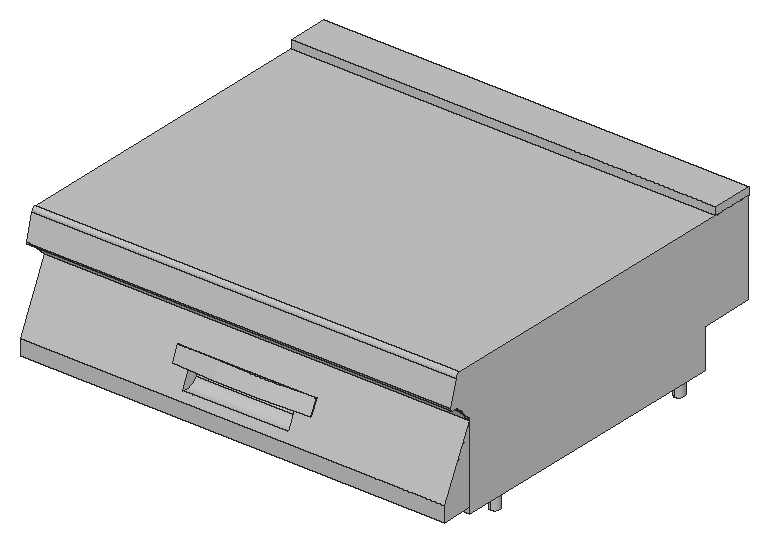
Revit family "QF_ZANUSSI_372119_Z7WTNHN00E", category Specialty Equipment, Revit 2018
Family settings
  Round Connector Dimension = Use Diameter
  Part Type = Normal
  Work Plane-Based = No
  Always vertical = Yes
  Cut with Voids When Loaded = No
  Shared = No
  Room Calculation Point = No
Parameters
  Width = 800 mm  # constant formula
  Weight in Pounds = 0
  Weight = 0.00 kg
  Watts = 0 W
  Volts = 0 V
  URL Manufacturer = "http://www.zanussiprofessional.com"
  URL Cutsheet = "www.electrolux.com"
  URL = "http://www.zanussiprofessional.com"
  Type Mark [instance] = ""
  Steam Supply Size = 0"
  Steam Supply Minimum Pressure = 0.00 psi
  Steam Supply Maximum Pressure = 0.00 psi
  Steam Pounds per Hour = 0
  Status [instance] = ""
  Specification by User [instance] = ""
  Specification by Manufacturer = ""
  Show Logo [instance] = yes
  Show Clearance [instance] = yes
  Serial Number = ""
  Seismic Rating = ""
  SMACNA No = ""
  Revision Code [instance] = ""
  Refrigeration Suction Line Size = 0"
  Refrigeration Liquid Line Size = 0"
  Refrigerant Compressor Remote = yes
  Phase = 0
  Omniclass Number and Title = ""
  NAFEM Spec ID Number = ""
  Model = "Z7WTNHN00E"
  Masterspec = ""
  Manufacturer = "Zanussi"
  Length Actual = 800 mm  # constant formula
  Item Number [instance] = "372119"
  Installed By [instance] = ""
  Identify Quantity as Lot [instance] = yes
  Hot Water Size = 0"
  Height Actual = 250 mm  # constant formula
  Height = 289 mm  # constant formula
  HP = "0 HP"
  Gas Size = 0"
  Gas KW = 0
  Gas Input Pressure = 0.0 Btu/h
  Furnished By [instance] = ""
  Foodservice Equipment Identifier [instance] = yes
  Direct Waste Size = 0"
  Description = "AMBIENT WORKTOP WITH DRAWER 800 MM"
  Depth Actual = 700 mm  # constant formula
  Depth = 715 mm  # constant formula
  Cycle = 0 Hz
  Condensate Return Size = 0"
  Compressed Air Volume = 0 GPM
  Compressed Air Size = 0"
  Compressed Air Pressure = 0.00 psi
  Cold Water Size = 0"
  CSI MasterFormat = ""
  CSI Master Format = ""
  Base Height = 24 mm  # constant formula
  Assembly Code = ""
  Accessory = yes
Reference planes
  plane 1 "BACK": y = 0
  plane 2: z = 0
  plane 3 "LEFT": x = 0
  plane 4 "RIGHT": x = 800
  plane 5 "FRONT": y = -715
  plane 6 "TOP": z = 274
  plane 7 "Center Y": x = 400
  plane 8 "Center X": y = -357.5
  plane 9: z = 24
  plane 10: z = 289
Forms (mm)
  Extrusion 1, solid, material "QF_Finishes_Stainless Steel"
    sketch origin (0, 0, 0) x (0, 1, 0) y (0, 0, 1)
      loop
        line (0, 98) -> (0, 274) -> (-679.358, 274)
        arc (-679.358, 274) -> (-684.643, 271.811) -> (-686.833, 266.526) r 7.474
        line (-686.833, 266.526) -> (-699.884, 221.011)
        arc (-699.884, 221.011) -> (-699.396, 218.379) -> (-697, 217.184) r 3
        line (-697, 217.184) -> (-686.802, 217.184) -> (-655, 185.382) -> (-655, 24) -> (-103, 24) -> (-103, 98) -> (0, 98)
    from 0 to 800
  Extrusion 2, solid, material "QF_Finishes_Stainless Steel"
    sketch origin (0, 0, 0) x (1, 0, 0) y (0, 1, 0)
      loop
        circle (11.112, -149.225) r 9.525
      loop
        circle (788.888, -149.225) r 9.525
      loop
        circle (11.112, -583.238) r 9.525
      loop
        circle (788.888, -583.238) r 9.525
    from 0 to 23.812
  Extrusion 3, solid, material "QF_Finishes_Stainless Steel"
    sketch origin (0, 0, 0) x (0, 1, 0) y (0, 0, 1)
      loop
        line (0, 274) -> (0, 289) -> (-76.2, 289) -> (-76.2, 274) -> (0, 274)
    from 0 to 800
  Extrusion 4, solid, material "QF_Finishes_Stainless Steel"
    sketch origin (0, -16.423, 0) x (0, 1, 0) y (0, 0, 1)
      loop
        line (-638.559, 36.022) -> (-638.559, 185.364) -> (-665.785, 212.59) -> (-667.975, 210.401) -> (-640.012, 182.439) -> (-698.577, 64.508) -> (-698.577, 36.022) -> (-638.559, 36.022)
    from 0 to 800
  Extrusion 5, solid, material "QF_Finishes_Drawer Clearance", visible <- "Show Clearance", detail levels coarse
    sketch origin (0, -16.423, 0) x (0, -1, 0) y (0, 0, 1)
      loop
        line (1208.22, 212.646) -> (665.729, 212.646) -> (667.975, 210.401) -> (640.012, 182.439) -> (698.577, 64.508) -> (698.577, 36.022) -> (1236.577, 36.022) -> (1236.577, 64.508) -> (1178.012, 182.439) -> (1208.22, 212.646)
    from 0 to -800
  Extrusion 6, void
    sketch origin (400.05, -335.398, -682.266) x (0, 0.895639, -0.444781) y (0, 0.444781, 0.895639)
      loop
        line (-672.137, 567) -> (-672.137, 517)
        arc (-672.137, 517) -> (-656.47, 524.721) -> (-650.137, 541) r 24.091
        line (-650.137, 541) -> (-650.137, 567) -> (-672.137, 567)
    from -100 to 100
  Extrusion 7, solid, material "QF_Finishes_Stainless Steel"
    sketch origin (122.17, -4338.596, 1473.236) x (-1, 0, 0) y (0, -0.895639, 0.444781)
      loop
        arc (-147.606, -3871.085) -> (-277.88, -3857) -> (-408.153, -3871.085) r 609.497
        line (-408.153, -3871.085) -> (-408.153, -3872) -> (-147.606, -3872) -> (-147.606, -3871.085)
    from 400 to 430
Cuts and joins
  Extrusion 6 cuts Extrusion 1
  Extrusion 6 cuts Extrusion 4
Lines and regions (mm)
  symbolic lines
    curve 1: line (0, -714.879, 0) -> (800, -714.879, 0)
    curve 2: line (0, 0, 0) -> (0, -714.879, 0)
    curve 3: line (800, 0, 0) -> (0, 0, 0)
    curve 4: line (800, -714.879, 0) -> (800, 0, 0)
    curve 5: line (0, -76.2, 0) -> (800, -76.2, 0)
    curve 9: line (0, -699.879, 0) -> (800, -699.879, 0)
    curve 10: line (300.05, -699.879, 0) -> (300.05, -707.439, 0)
    curve 11: line (300.05, -707.439, 0) -> (500.05, -707.439, 0)
    curve 12: line (500.05, -707.439, 0) -> (500.05, -699.879, 0)
    curve 13: spline (492.556, -699.879, 0) -> (477.23, -701.809, 0) -> (461.854, -703.389, 0) -> (446.438, -704.62, 0) -> (430.992, -705.499, 0) -> (415.526, -706.027, 0) -> (400.05, -706.203, 0) -> (384.574, -706.027, 0) -> (369.108, -705.499, 0) -> (353.662, -704.62, 0) -> (338.246, -703.389, 0) -> (322.87, -701.809, 0) -> (307.544, -699.879, 0)
  symbolic lines, style "QF_Drawer Clearance"
    curve 6: line (800, -714.879, 0) -> (800, -1249.747, 0)
    curve 7: line (0, -1249.747, 0) -> (800, -1249.747, 0)
    curve 8: line (0, -1249.747, 0) -> (0, -714.879, 0)
Dimensions and locks
  equal spacing: plane 3 "LEFT", plane 7 "Center Y", plane 4 "RIGHT"
  "Width": plane 3 "LEFT" to plane 4 "RIGHT"
  equal spacing: plane 5 "FRONT", plane 8 "Center X", plane 1 "BACK"
  "Depth": plane 5 "FRONT" to plane 1 "BACK"
  "Height": plane 10 to level
  "Base Height": plane 9 to level
  aligned and locked: level to plane 2
  aligned and locked: plane 4 "RIGHT" to Extrusion 1
  aligned and locked: plane 4 "RIGHT" to Extrusion 3
  aligned and locked: plane 4 "RIGHT" to Extrusion 5
Automatic sketch dimensions
  Extrusion 3 sketch curve to plane 6 "TOP" = 0 mm
  Extrusion 3 sketch curve to plane 10 = 0 mm
  Extrusion 3 sketch curve to plane 1 "BACK" = 0 mm
  plane 1 "BACK" to Extrusion 3 sketch curve = 76.2 mm
  Extrusion 4 sketch curve to plane 5 "FRONT" = 0 mm
  Extrusion 4 sketch curve to plane 5 "FRONT" = 30.603 mm
  Extrusion 4 sketch curve to Extrusion 4 sketch curve = 27.962 mm
  plane 9 to Extrusion 4 sketch curve = 12.022 mm
  Extrusion 4 sketch curve to Extrusion 4 sketch curve = 28.486 mm
  Extrusion 4 sketch curve to plane 6 "TOP" = 91.561 mm
  Extrusion 4 sketch curve to Extrusion 4 sketch curve = 2.925 mm
  Extrusion 4 sketch curve to Extrusion 4 sketch curve = 25.037 mm
  Extrusion 4 sketch curve to Extrusion 4 sketch curve = 2.189 mm
  Extrusion 1 sketch curve to plane 6 "TOP" = 0 mm
  Extrusion 1 sketch curve to plane 9 = 0 mm
  Extrusion 1 sketch curve to plane 1 "BACK" = 0 mm
  plane 1 "BACK" to Extrusion 1 sketch curve = 103 mm
  Extrusion 1 sketch curve to plane 5 "FRONT" = 60 mm
  Extrusion 1 sketch curve to plane 6 "TOP" = 7.474 mm
  Extrusion 1 sketch curve to plane 5 "FRONT" = 35.642 mm
  Extrusion 1 sketch curve to plane 5 "FRONT" = 28.198 mm
  Extrusion 1 sketch curve to Extrusion 1 sketch curve = 10.198 mm
  Extrusion 1 sketch curve to Extrusion 1 sketch curve = 2.884 mm
  Extrusion 1 sketch curve to Extrusion 1 sketch curve = 74 mm
  Extrusion 1 sketch curve to Extrusion 1 sketch curve = 49.342 mm
  Extrusion 1 sketch curve to Extrusion 1 sketch curve = 3 mm
  Extrusion 1 sketch curve to Extrusion 1 sketch curve = 31.802 mm
  Extrusion 6 sketch curve to plane 5 "FRONT" = 7.561 mm
  Extrusion 6 sketch curve to plane 5 "FRONT" = 16.363 mm
  plane 9 to Extrusion 6 sketch curve = 78.159 mm
  Extrusion 6 sketch curve to Extrusion 6 sketch curve = 2.091 mm
  Extrusion 6 sketch curve to Extrusion 6 sketch curve = 26 mm
  plane 7 "Center Y" to Extrusion 7 sketch curve = 130.323 mm
  plane 3 "LEFT" to Extrusion 7 sketch curve = 400.05 mm
  plane 3 "LEFT" to Extrusion 7 sketch curve = 269.777 mm
  Extrusion 7 sketch curve to Extrusion 7 sketch curve = 594.497 mm
  Extrusion 7 sketch curve to Extrusion 7 sketch curve = 0.915 mm
  Extrusion 2 sketch curve to Extrusion 2 sketch curve = 0 mm  (x8)
  plane 3 "LEFT" to Extrusion 2 sketch curve = 11.112 mm  (x2)
  Extrusion 2 sketch curve to plane 4 "RIGHT" = 11.112 mm  (x2)
  Extrusion 2 sketch curve to plane 5 "FRONT" = 131.762 mm  (x2)
  plane 1 "BACK" to Extrusion 2 sketch curve = 149.225 mm  (x2)
  Extrusion 2 sketch curve to Extrusion 2 sketch curve = 9.525 mm  (x4)
  Extrusion 5 sketch curve to Extrusion 4 = 0 mm  (x5)
  Extrusion 4 to Extrusion 5 sketch curve = 0 mm  (x2)
  Extrusion 5 sketch curve to Extrusion 5 sketch curve = 2.245 mm
  Extrusion 5 sketch curve to Extrusion 4 = 146.417 mm
  Extrusion 4 to Extrusion 5 sketch curve = 479.435 mm
  Extrusion 5 sketch curve to Extrusion 5 sketch curve = 30.207 mm
  Extrusion 5 sketch curve to Extrusion 4 = 28.486 mm
  Extrusion 5 sketch curve to Extrusion 5 sketch curve = 58.565 mm
  curve 1 to plane 3 "LEFT" = 0 mm
  curve 4 to plane 4 "RIGHT" = 0 mm
  plane 1 "BACK" to curve 4 = 0 mm
  curve 10 to plane 5 "FRONT" = 7.561 mm
  curve 10 to plane 7 "Center Y" = 99.95 mm
  curve 6 to plane 5 "FRONT" = 0.121 mm
  plane 5 "FRONT" to curve 6 = 534.747 mm
  plane 7 "Center Y" to curve 11 = 100.05 mm
  curve 11 to curve 12 = 7.56 mm
  curve 5 to curve 2 = 76.2 mm
  curve 13 to plane 3 "LEFT" = 209.447 mm
  curve 10 to curve 13 = 7.494 mm
  plane 7 "Center Y" to curve 13 = 0.05 mm
  plane 1 "BACK" to curve 13 = 160.313 mm
